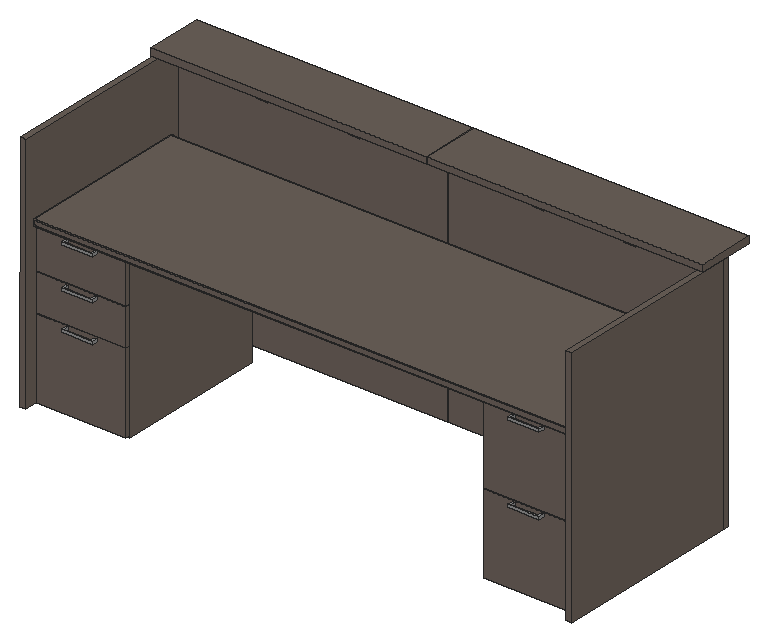
Revit family "OFS TYPICAL T100185", category Furniture, Revit 2022 (continued)
Definition of nested family "STAKS BENCHING PRESS FIT BRACKET"
  Forms (in)
    Extrusion 3, solid, material <- "Bracket Material"
      sketch origin (-16.5, 0, 0) x (0, 1, 0) y (0, 0, 1)
        loop
          line (2.60972, 27.72544) -> (2.52274, 27.67522) -> (2.52274, 27.57478) -> (2.60972, 27.52456) -> (2.69671, 27.57478) -> (2.69671, 27.67522) -> (2.60972, 27.72544)
        loop
          circle (1.14097, 27.625) r 0.1875
        loop
          line (1.14097, 27.72544) -> (1.05399, 27.67522) -> (1.05399, 27.57478) -> (1.14097, 27.52456) -> (1.22796, 27.57478) -> (1.22796, 27.67522) -> (1.14097, 27.72544)
      from 3.5625 to 3.68034
    Extrusion 4, solid, material <- "Bracket Material"
      sketch origin (-16.5, 0, 0) x (0, 1, 0) y (0, 0, -1)
        loop
          circle (2.60972, -27.625) r 0.1875
        loop
          line (2.60972, -27.72544) -> (2.69671, -27.67522) -> (2.69671, -27.57478) -> (2.60972, -27.52456) -> (2.52274, -27.57478) -> (2.52274, -27.67522) -> (2.60972, -27.72544)
        loop
          circle (1.14097, -27.625) r 0.1875
        loop
          line (1.14097, -27.72544) -> (1.22796, -27.67522) -> (1.22796, -27.57478) -> (1.14097, -27.52456) -> (1.05399, -27.57478) -> (1.05399, -27.67522) -> (1.14097, -27.72544)
      from 3.5625 to 3.68034
    Extrusion 5, solid, material <- "Bracket Material"
      sketch origin (-16.5, 3.61007, 0) x (0, -1, 0) y (0, 0, -1)
        loop
          circle (2.4691, -27.625) r 0.09375
      from -0.5 to 0.5
    Extrusion 6, solid, material <- "Bracket Material"
      sketch origin (-16.5, 0.14063, 0) x (0, 1, 0) y (0, 0, 1)
        loop
          circle (2.4691, 27.625) r 0.09375
      from -0.5 to 0.5
    Extrusion 7, solid
      sketch origin (-16.5, 0, 0) x (0, 1, 0) y (0, 0, 1)
        loop
          line (2.37535, 26.875) -> (1.37535, 26.875) -> (1.37535, 25.375) -> (2.37535, 25.375) -> (2.37535, 26.875)
      from 0.40321 to 0.5
    Extrusion 8, solid
      sketch origin (-16.5, 0, 0) x (0, 1, 0) y (0, 0, -1)
        loop
          line (2.37535, -26.875) -> (2.37535, -25.375) -> (1.37535, -25.375) -> (1.37535, -26.875) -> (2.37535, -26.875)
      from 0.40321 to 0.5
  Cuts and joins
    Extrusion 2 cuts Extrusion 1
  Dimensions and locks (in)
    "Height From Floor": plane 4 "BASE TOP" to plane 1
    "Height": plane 4 "BASE TOP" to plane 6
    equal spacing: plane 3 "LEFT", plane 8 "CENTER", plane 5 "RIGHT"
    equal spacing: plane 9, plane 2 "Center (Front/Back)", plane 7
    "Width": plane 3 "LEFT" to plane 5 "RIGHT"
    "Depth": plane 9 to plane 7
    equal spacing: plane 11, plane 8 "CENTER", plane 12
    "Gap": plane 12 to plane 11
    aligned and locked: level to plane 1
    aligned and locked: plane 9 to Extrusion 1
    aligned and locked: Extrusion 1 to plane 7
    aligned and locked: Extrusion 2 to plane 4 "BASE TOP"
    aligned and locked: plane 6 to Extrusion 2
    aligned and locked: plane 11 to Extrusion 5
    aligned and locked: plane 12 to Extrusion 5
    aligned and locked: plane 11 to Extrusion 7
  Automatic sketch dimensions
    Extrusion 1 sketch curve to plane 3 "LEFT" = 0.00"
    Extrusion 1 sketch curve to plane 6 = 0.00"  (x2)
    plane 12 to Extrusion 1 sketch curve = 0.00"
    Extrusion 1 sketch curve to plane 4 "BASE TOP" = 0.00"  (x2)
    Extrusion 1 sketch curve to plane 11 = 0.00"
    Extrusion 1 sketch curve to plane 5 "RIGHT" = 0.00"
    plane 12 to Extrusion 1 sketch curve = 0.25"
    plane 4 "BASE TOP" to Extrusion 1 sketch curve = 1.00"
    plane 4 "BASE TOP" to Extrusion 1 sketch curve = 0.50"  (x3)
    Extrusion 1 sketch curve to plane 12 = 0.17969"
    Extrusion 1 sketch curve to plane 8 "CENTER" = 0.00781"
    plane 8 "CENTER" to Extrusion 1 sketch curve = 0.00781"
    Extrusion 1 sketch curve to Extrusion 1 sketch curve = 0.17969"
    plane 11 to Extrusion 1 sketch curve = 0.25"
    Extrusion 1 sketch curve to Extrusion 1 sketch curve = 0.50"
    Extrusion 1 sketch curve to Extrusion 1 sketch curve = 0.3125"
    plane 9 to Extrusion 2 sketch curve = 0.00"
    Extrusion 2 sketch curve to plane 12 = 0.00"  (x2)
    plane 7 to Extrusion 2 sketch curve = 0.00"
    Extrusion 2 sketch curve to plane 11 = 0.00"  (x2)
    Extrusion 2 sketch curve to plane 10 = 0.125"  (x5)
    plane 3 "LEFT" to Extrusion 2 sketch curve = 0.57439"  (x2)
    Extrusion 2 sketch curve to Extrusion 2 sketch curve = 0.85526"  (x4)
    Extrusion 2 sketch curve to plane 5 "RIGHT" = 0.57439"  (x2)
    Extrusion 2 sketch curve to plane 2 "Center (Front/Back)" = 0.50"  (x5)
    Extrusion 3 sketch curve to plane 9 = 0.17864"
    plane 4 "BASE TOP" to Extrusion 3 sketch curve = 0.35044"  (x2)
    Extrusion 3 sketch curve to Extrusion 3 sketch curve = 0.08698"  (x6)
    plane 10 to Extrusion 3 sketch curve = 0.02239"
    plane 7 to Extrusion 3 sketch curve = 0.35261"
    Extrusion 3 sketch curve to Extrusion 3 sketch curve = 0.00"
    Extrusion 3 sketch curve to Extrusion 3 sketch curve = 0.05022"  (x7)
    Extrusion 3 sketch curve to Extrusion 3 sketch curve = 0.10044"  (x5)
    Extrusion 4 sketch curve to plane 9 = 0.17864"
    plane 4 "BASE TOP" to Extrusion 4 sketch curve = 0.14956"  (x2)
    Extrusion 4 sketch curve to Extrusion 4 sketch curve = 0.08698"  (x7)
    plane 10 to Extrusion 4 sketch curve = 0.02239"
    plane 7 to Extrusion 4 sketch curve = 0.35261"
    Extrusion 4 sketch curve to Extrusion 4 sketch curve = 0.05022"  (x8)
    Extrusion 4 sketch curve to Extrusion 4 sketch curve = 0.10044"  (x4)
    Extrusion 5 sketch curve to plane 10 = 0.10938"
    Extrusion 5 sketch curve to plane 4 "BASE TOP" = 0.25"
    plane 7 to Extrusion 6 sketch curve = 0.26563"
    plane 4 "BASE TOP" to Extrusion 6 sketch curve = 0.25"
    Extrusion 7 sketch curve to plane 10 = 0.125"
    Extrusion 7 sketch curve to plane 6 = 0.50"
    Extrusion 7 sketch curve to plane 2 "Center (Front/Back)" = 0.50"
    plane 4 "BASE TOP" to Extrusion 7 sketch curve = 1.00"
    Extrusion 8 sketch curve to plane 10 = 0.125"
    plane 4 "BASE TOP" to Extrusion 8 sketch curve = 1.00"
    Extrusion 8 sketch curve to plane 2 "Center (Front/Back)" = 0.50"
    Extrusion 8 sketch curve to plane 6 = 0.50"
    radius of Extrusion 2 sketch curve = 0.09375"  (x8)
    radius of Extrusion 3 sketch curve = 0.1875"  (x2)
    radius of Extrusion 4 sketch curve = 0.1875"  (x2)
    radius of Extrusion 5 sketch curve = 0.09375"
    radius of Extrusion 6 sketch curve = 0.09375"
Definition of nested family "STAKS BENCHING CANTILEVER WORKSURFACE BRACKET - OPEN"
  Parameters (values of type "STAKS CANTILEVER WORKSURFACE BRACKET - OPEN 36in")
    Width = 1.50"
    URL = "http://www.ofs.com/"
    Model = "OWSBKT36"
    Manufacturer = "OFS"
    Height From Floor = 27.875"
    Height = 7.00"
    Description = "OFS STAKS BENCHING CANTILEVER WORKSURFACE BRACKET - Open Cantilever Worksurface Bracket for 36\"W Top"
    Depth = 28.00"
    Default Elevation = 0.00"
    Copyright © = "© 2018 OFS"
    Catalog = "https://ofs.com/products/open-plan/benching/staks"
    Bracket Material = none
    Authoring Version = "Autodesk Revit Architecture 2013"
    Assembly Code = "E2020200"
    Alpha = 1.00"
  Types (4): name | URL | Model | Manufacturer | Description | Depth | Copyright © | Catalog | Alpha
    CANTILEVER WORKSURFACE BRACKET - OPEN 14in | "http://www.ofsbrands.com/" | "OWSBKT14" | "FIRST OFFICE" | "OFS BRANDS FIRST OFFICE STAKS BENCHING CANTILEVER WORKSURFACE BRACKET - Open Cantilever Worksurface Bracket for 14\"W Top" | 11.00" | "© 2018 OFS BRANDS" | "http://www.firstoffice.com/products/crossover/staks_benching/" | 0.50"
    CANTILEVER WORKSURFACE BRACKET - OPEN 22in | "http://www.ofsbrands.com/" | "OWSBKT22" | "FIRST OFFICE" | "OFS BRANDS FIRST OFFICE STAKS BENCHING CANTILEVER WORKSURFACE BRACKET - Open Cantilever Worksurface Bracket for 22\"W Top" | 16.00" | "© 2018 OFS BRANDS" | "http://www.firstoffice.com/products/crossover/staks_benching/" | 0.625"
    CANTILEVER WORKSURFACE BRACKET - OPEN 30in | "http://www.ofsbrands.com/" | "OWSBKT30" | "FIRST OFFICE" | "OFS BRANDS FIRST OFFICE STAKS BENCHING CANTILEVER WORKSURFACE BRACKET - Open Cantilever Worksurface Bracket for 30\"W Top" | 22.00" | "© 2018 OFS BRANDS" | "http://www.firstoffice.com/products/crossover/staks_benching/" | 0.875"
    STAKS CANTILEVER WORKSURFACE BRACKET - OPEN 36in | "http://www.ofs.com/" | "OWSBKT36" | "OFS" | "OFS STAKS BENCHING CANTILEVER WORKSURFACE BRACKET - Open Cantilever Worksurface Bracket for 36\"W Top" | 28.00" | "© 2018 OFS" | "https://ofs.com/products/open-plan/benching/staks" | 1.00"
  Reference planes (in)
    plane 1: z = 0
    plane 2 "Center (Front/Back)": y = -11.12465
    plane 3 "LEFT": x = -17.25
    plane 4 "BASE TOP": z = 27.875
    plane 5 "RIGHT": x = -15.75
    plane 6: z = 20.875
    plane 7: y = 2.87535
    plane 8 "CENTER": x = -16.5
    plane 9: y = -25.12465
    plane 10: z = 25.875
    plane 11: y = 0.87535
    plane 12: z = 21.375
    plane 13: y = -24.62465
    plane 14: x = -16.375
    plane 15: x = -16.625
    plane 16: y = -23.62465
  Forms (in)
    Extrusion 1, solid, material <- "Bracket Material"
      sketch origin (-16.5, 0, 0) x (0, 1, 0) y (0, 0, 1)
        loop
          line (-25.12465, 27.875) -> (-25.12465, 27.82031) -> (0.8527, 27.82031) -> (2.82066, 25.85235) -> (2.82066, 20.875) -> (2.87535, 20.875) -> (2.87535, 25.875) -> (0.87535, 27.875) -> (-25.12465, 27.875)
      from -0.75 to 0.75
    Extrusion 2, solid
      sketch origin (-16.5, 0, 0) x (0, 1, 0) y (0, 0, 1)
        loop
          line (2.82066, 21.375) -> (2.82066, 21.66876) -> (-23.62465, 27.82031) -> (-24.62465, 27.82031) -> (2.82066, 21.375)
      from -0.125 to 0.125
    Extrusion 3, void
      sketch origin (0, -11.12465, 0) x (1, 0, 0) y (0, 0, 1)
        loop
          circle (-16.99183, 23.37543) r 0.09375
        loop
          circle (-16.99183, 25.56923) r 0.09375
        loop
          circle (-16.99183, 21.18077) r 0.09375
        loop
          line (-16.10192, 24.58008) -> (-16.10192, 24.41381)
          arc (-16.10192, 24.41381) -> (-16.00817, 24.32006) -> (-15.91442, 24.41381) r 0.09375
          line (-15.91442, 24.41381) -> (-15.91442, 24.58008)
          arc (-15.91442, 24.58008) -> (-16.00817, 24.67383) -> (-16.10192, 24.58008) r 0.09375
        loop
          arc (-16.10192, 22.16992) -> (-16.00817, 22.07617) -> (-15.91442, 22.16992) r 0.09375
          line (-15.91442, 22.16992) -> (-15.91442, 22.33619)
          arc (-15.91442, 22.33619) -> (-16.00817, 22.42994) -> (-16.10192, 22.33619) r 0.09375
          line (-16.10192, 22.33619) -> (-16.10192, 22.16992)
      from -14 to -3.47735
    Extrusion 4, void
      sketch origin (0, 0, 0) x (1, 0, 0) y (0, 1, 0)
        loop
          circle (-16.93617, 0.25038) r 0.09375
        loop
          circle (-16.06383, -1.74962) r 0.09375
        loop
          circle (-16.93617, -3.74962) r 0.09375
        loop
          circle (-16.06383, -5.74962) r 0.09375
        loop
          circle (-16.93617, -7.74962) r 0.09375
        loop
          circle (-16.06383, -9.74962) r 0.09375
        loop
          circle (-16.93617, -11.74962) r 0.09375
        loop
          circle (-16.06383, -13.74962) r 0.09375
        loop
          circle (-16.93617, -15.74962) r 0.09375
        loop
          circle (-16.06383, -17.74962) r 0.09375
        loop
          circle (-16.93617, -19.74962) r 0.09375
        loop
          circle (-16.06383, -21.74962) r 0.09375
        loop
          circle (-16.93617, -23.74962) r 0.09375
        loop
          circle (-16.06383, -25.74962) r 0.09375
        loop
          circle (-16.93617, -27.74962) r 0.09375
        loop
          circle (-16.06383, -29.74962) r 0.09375
      from 25.0365 to 29.23009
    Extrusion 5, void, not visible
      sketch origin (0, 0, 0) x (1, 0, 0) y (0, 1, 0)
        loop
          circle (-16.93617, 0.25038) r 0.09375
        loop
          circle (-16.06383, -1.74962) r 0.09375
        loop
          circle (-16.93617, -3.74962) r 0.09375
        loop
          circle (-16.06383, -5.74962) r 0.09375
        loop
          circle (-16.93617, -7.74962) r 0.09375
        loop
          circle (-16.06383, -9.74962) r 0.09375
        loop
          circle (-16.93617, -11.74962) r 0.09375
        loop
          circle (-16.06383, -13.74962) r 0.09375
        loop
          circle (-16.93617, -15.74962) r 0.09375
        loop
          circle (-16.06383, -17.74962) r 0.09375
        loop
          circle (-16.93617, -19.74962) r 0.09375
        loop
          circle (-16.06383, -21.74962) r 0.09375
        loop
          circle (-16.93617, -23.74962) r 0.09375
        loop
          circle (-16.06383, -25.74962) r 0.09375
        loop
          circle (-16.93617, -27.74962) r 0.09375
        loop
          circle (-16.06383, -29.74962) r 0.09375
      from 25.0365 to 29.23009
  Cuts and joins
    Extrusion 3, Extrusion 4 cuts Extrusion 1
  Dimensions and locks (in)
    "Height From Floor": plane 4 "BASE TOP" to plane 1
    "Height": plane 4 "BASE TOP" to plane 6
    equal spacing: plane 3 "LEFT", plane 8 "CENTER", plane 5 "RIGHT"
    equal spacing: plane 9, plane 2 "Center (Front/Back)", plane 7
    "Width": plane 3 "LEFT" to plane 5 "RIGHT"
    "Depth": plane 9 to plane 7
    locked: plane 4 "BASE TOP" to plane 10 at 2
    locked: plane 7 to plane 11 at 2
    locked: plane 13 to plane 9 at 0.5
    locked: plane 6 to plane 12 at 0.5
    plane 14 to plane 8 "CENTER" to plane 15 = 0.125" locked, 0.125" locked
    "Alpha": plane 16 to plane 13
    aligned and locked: level to plane 1
    aligned and locked: Extrusion 1 sketch curve to plane 4 "BASE TOP"
    aligned and locked: plane 7 to Extrusion 1 sketch curve
    aligned and locked: plane 9 to Extrusion 1 sketch curve
    aligned and locked: plane 6 to Extrusion 1 sketch curve
    aligned and locked: Extrusion 1 to plane 3 "LEFT"
    aligned and locked: plane 5 "RIGHT" to Extrusion 1
    aligned and locked: Extrusion 2 sketch curve to Extrusion 1
    aligned and locked: plane 15 to Extrusion 2
    aligned and locked: plane 14 to Extrusion 2
    aligned and locked: Extrusion 1 to Extrusion 2 sketch curve
    aligned and locked: Extrusion 3 to plane 7
  Automatic sketch dimensions
    plane 7 to Extrusion 1 sketch curve = 0.05469"
    Extrusion 1 sketch curve to plane 11 = 0.00"
    plane 10 to Extrusion 1 sketch curve = 0.00"
    plane 11 to Extrusion 1 sketch curve = 0.02265"
    plane 10 to Extrusion 1 sketch curve = 0.02265"
    plane 4 "BASE TOP" to Extrusion 1 sketch curve = 0.05469"
    Extrusion 2 sketch curve to plane 13 = 0.00"
    plane 12 to Extrusion 2 sketch curve = 0.00"
    Extrusion 2 sketch curve to plane 16 = 0.00"
    Extrusion 2 sketch curve to Extrusion 2 sketch curve = 0.29376"
    plane 14 to Extrusion 3 sketch curve = 0.27308"
    Extrusion 3 sketch curve to plane 5 "RIGHT" = 0.16442"  (x2)
    Extrusion 3 sketch curve to plane 12 = 0.79492"
    Extrusion 3 sketch curve to Extrusion 3 sketch curve = 0.1875"
    plane 3 "LEFT" to Extrusion 3 sketch curve = 0.25817"  (x3)
    Extrusion 3 sketch curve to Extrusion 3 sketch curve = 0.16626"  (x2)
    plane 10 to Extrusion 3 sketch curve = 1.46119"
    plane 12 to Extrusion 3 sketch curve = 0.19423"
    Extrusion 3 sketch curve to Extrusion 3 sketch curve = 1.03838"
    plane 10 to Extrusion 3 sketch curve = 0.30577"
    Extrusion 4 sketch curve to Extrusion 4 sketch curve = 2.00"  (x15)
    Extrusion 4 sketch curve to Extrusion 4 sketch curve = 0.00"  (x7)
    Extrusion 4 sketch curve to Extrusion 4 sketch curve = 0.87233"  (x8)
    Extrusion 5 sketch curve to Extrusion 5 sketch curve = 2.00"  (x15)
    Extrusion 5 sketch curve to Extrusion 5 sketch curve = 0.00"  (x7)
    Extrusion 5 sketch curve to Extrusion 5 sketch curve = 0.87233"  (x8)
    radius of Extrusion 3 sketch curve = 0.09375"  (x3)
    radius of Extrusion 4 sketch curve = 0.09375"  (x16)
    radius of Extrusion 5 sketch curve = 0.09375"  (x16)
Definition of nested family "STAKS BENCHING CANTILEVER WORKSURFACE BRACKET - MINI CONCEALED"
  Parameters (values of type "STAKS CANTILEVER WORKSURFACE BRACKET - MINI CONCEALED")
    Width = 1.50"
    URL = "http://www.ofs.com/"
    Model = "WSBKTC"
    Manufacturer = "OFS"
    Height From Floor = 27.875"
    Height = 3.50"
    Description = "OFS STAKS BENCHING CANTILEVER WORKSURFACE BRACKET - Low Profile Concealed Cantilever Bracket"
    Depth = 3.50"
    Default Elevation = 0.00"
    Copyright © = "© 2018 OFS"
    Catalog = "https://ofs.com/products/open-plan/benching/staks"
    Bracket Material = none
    Authoring Version = "Autodesk Revit Architecture 2013"
    Assembly Code = "E2020200"
  Reference planes (in)
    plane 1: z = 0
    plane 2 "Center (Front/Back)": y = 1.12535
    plane 3 "LEFT": x = -17.25
    plane 4 "BASE TOP": z = 27.875
    plane 5 "RIGHT": x = -15.75
    plane 6: z = 24.375
    plane 7: y = 2.87535
    plane 8 "CENTER": x = -16.5
    plane 9: y = -0.62465
    plane 10: z = 26.875
    plane 11: y = 1.87535
    plane 12: z = 24.875
    plane 13: y = -0.12465
    plane 14: x = -16.375
    plane 15: x = -16.625
    plane 16: y = 0.50035
  Forms (in)
    Extrusion 1, solid, material <- "Bracket Material"
      sketch origin (-16.5, 0, 0) x (0, 1, 0) y (0, 0, 1)
        loop
          line (-0.62465, 27.875) -> (-0.62465, 27.82031) -> (1.8527, 27.82031) -> (2.82066, 26.85235) -> (2.82066, 24.375) -> (2.87535, 24.375) -> (2.87535, 26.875) -> (1.87535, 27.875) -> (-0.62465, 27.875)
      from -0.75 to 0.75
    Extrusion 2, void
      sketch origin (0, 1.12535, 0) x (1, 0, 0) y (0, 0, 1)
        loop
          circle (-16.99183, 26.15668) r 0.09375
        loop
          circle (-16.00817, 25.13628) r 0.09375
      from -1.75 to -1.1009
    Extrusion 3, void
      sketch origin (0, 0, 0) x (1, 0, 0) y (0, 1, 0)
        loop
          circle (-16.93617, 1.09413) r 0.09375
        loop
          circle (-16.06383, -0.12462) r 0.09375
      from 25.0365 to 29.23009
  Cuts and joins
    Extrusion 2, Extrusion 3 cuts Extrusion 1
  Dimensions and locks (in)
    "Height From Floor": plane 4 "BASE TOP" to plane 1
    "Height": plane 4 "BASE TOP" to plane 6
    equal spacing: plane 3 "LEFT", plane 8 "CENTER", plane 5 "RIGHT"
    equal spacing: plane 9, plane 2 "Center (Front/Back)", plane 7
    "Width": plane 3 "LEFT" to plane 5 "RIGHT"
    "Depth": plane 9 to plane 7
    locked: plane 4 "BASE TOP" to plane 10 at 1
    locked: plane 7 to plane 11 at 1
    locked: plane 13 to plane 9 at 0.5
    locked: plane 6 to plane 12 at 0.5
    plane 14 to plane 8 "CENTER" to plane 15 = 0.125" locked, 0.125" locked
    plane 16 to plane 13 = 0.625"
    aligned and locked: level to plane 1
    aligned and locked: plane 4 "BASE TOP" to Extrusion 1 sketch curve
    aligned and locked: plane 7 to Extrusion 1 sketch curve
    aligned and locked: plane 9 to Extrusion 1 sketch curve
    aligned and locked: plane 6 to Extrusion 1 sketch curve
    aligned and locked: Extrusion 1 to plane 3 "LEFT"
    aligned and locked: plane 5 "RIGHT" to Extrusion 1
    aligned and locked: Extrusion 2 to plane 7
  Automatic sketch dimensions
    plane 7 to Extrusion 1 sketch curve = 0.05469"
    Extrusion 1 sketch curve to plane 11 = 0.00"
    plane 10 to Extrusion 1 sketch curve = 0.00"
    plane 11 to Extrusion 1 sketch curve = 0.02265"
    plane 10 to Extrusion 1 sketch curve = 0.02265"
    plane 4 "BASE TOP" to Extrusion 1 sketch curve = 0.05469"
    Extrusion 3 sketch curve to Extrusion 3 sketch curve = 1.21875"
    plane 3 "LEFT" to Extrusion 2 sketch curve = 0.25817"
    Extrusion 2 sketch curve to plane 5 "RIGHT" = 0.25817"
    Extrusion 2 sketch curve to plane 12 = 0.26128"
    Extrusion 2 sketch curve to Extrusion 2 sketch curve = 1.0204"
    plane 15 to Extrusion 3 sketch curve = 0.31117"
    plane 14 to Extrusion 3 sketch curve = 0.31117"
    Extrusion 3 sketch curve to plane 9 = 0.50003"
    radius of Extrusion 3 sketch curve = 0.09375"  (x2)
    radius of Extrusion 2 sketch curve = 0.09375"  (x2)
